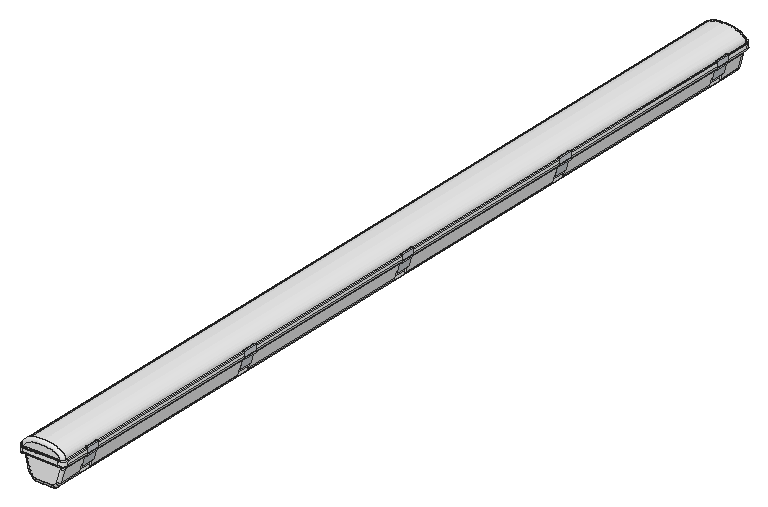
Revit family "0048792 Feilo Sylvania Lighting Fixture HYDROPROOF LED G3 1500MM S 4K", category Lighting Fixtures, host Face, Revit 2016
Family settings
  Host = Face
  Part Type = Normal
  Round Connector Dimension = Use Diameter
  OmniClass Number = 23.80.70.11.14
  OmniClass Title = General Luminaries, Directional
  Cut with Voids When Loaded = No
  Light Source = Yes
  Shared = No
  Room Calculation Point = No
Parameters (values of type "0048792 HYDROPROOF LED G3 1500MM S 4K  ")
  Width = 84 mm
  Weight = "2.19 kg"
  Wattage Comments = "n/a"
  Wattage = 31 W
  WarrantyStartDate [instance] = "n/a"
  WarrantyGuarantorParts = "n/a"
  WarrantyDurationUnit = "n/a"
  WarrantyDurationParts = "n/a"
  WarrantyDescription = "n/a"
  built-in parameter 1150110 = 1 (stored number, unit not read)
  Voltage = 230 V
  URL = "http://www.sylvania-lighting.com"
  TypeName = "HYDROPROOF LED G3 1500MM S 4K"
  Type Image = <None>
  Type Comments = "n/a"
  built-in parameter 1114217 = 1 (stored number, unit not read)
  Tilt Angle = -90.00°
  built-in parameter 1150109 = 1 (stored number, unit not read)
  built-in parameter 1150134 = 12
  built-in parameter 1150113 = 1 (stored number, unit not read)
  SerialNumber [instance] = "n/a"
  ReflectorMaterial = none
  PowerFactor = 0
  PowerConsumption = "31 W"
  Photometric Web File = "0048792.ies"
  NominalWidth = 0 mm
  NominalLength = 1578 mm
  NominalHeight = 75 mm
  Name = "HYDROPROOF LED G3 1500MM S 4K"
  ModelReference = "HYDROPROOF LED G3 1500MM S 4K"
  ModelNumber = "0048792"
  Model = "HYDROPROOF LED G3 1500MM S 4K"
  Material = "grp housing, pmma diffuser"
  ManufacturerName = "Feilo Sylvania"
  Manufacturer = "Feilo Sylvania"
  LuminousEfficacy = "160 lm/W"
  built-in parameter 1150105 = 394.7 (stored number, unit not read)
  Lumens = 4960 lm
  LuminaireType = ""
  built-in parameter 1150115 = 1 (stored number, unit not read)
  LightOutputRatio = "n/a"
  built-in parameter 1150137 = (empty or 0)
  built-in parameter 1150139 = (empty or 0)
  Length = 1572 mm
  LampsType = Lamp  # "LED"
  LampNominalLuminous = "4950 lm"
  LampMacAdamStep = "3"
  LampColourTemperature = "4000 K"
  LampColourRenderingIndex = "80"
  built-in parameter 1150112 = 1 (stored number, unit not read)
  built-in parameter 1150114 = 1 (stored number, unit not read)
  Lamp = "LED"
  Keynote = "16500"
  InstallationDate [instance] = "n/a"
  InputVoltage = "220-240V~"
  InputNominalFrequency = "50/60 Hz"
  built-in parameter 1150132 = (empty or 0)
  built-in parameter 1150102 = (empty or 0)
  built-in parameter 1150107 = 4000 (stored number, unit not read)
  built-in parameter 1150138 = (empty or 0)
  IngressProtection = "IP65"
  ImpactProtectionIndex = "IK02"
  built-in parameter 1150106 = 3.947 (stored number, unit not read)
  IfcExportType = "IfcLightFixtureType"
  IfcExportAs = "IfcLightFixtureType"
  ExpectedLife = 50000
  Emit from Rectangle Width = Width - 20 mm  # 64 mm
  Emit from Rectangle Length = Length - 20 mm  # 1552 mm
  Emit Shape Visible in Rendering = no
  ElectricShockClassification = "Class I"
  built-in parameter 1150104 = 14.864 (stored number, unit not read)
  DurationUnit = "hours"
  DocumentationLiterature = "http://www.sylvania-lighting.com/product/en-int/products/0048792"
  DimmingControlOptions = "Non dimmable"
  Dimming Lamp Color Temperature Shift = <None>
  DiffuserMaterial = Diffuser-Sylvania-Transparent
  Description = "Hydroproof, integrated LED chemical resistant weatherproof luminaire, with UV stabilized flat diffuser and linear prisms designed to achieve uniform lit appearance, optimise light output and to reduce glare, stainless steel diffuser clips and fixing brackets for surface and wall mounting. L 1578 mm x W 84 mm x H 75 mm size, GRP housing, PMMA diffuser, Non dimmable,   4000K, CRI80,  4950 lm, 31 W, 160 lm/W, nominal average life (h):50000, energy class: A++ A+ A Class I,IK02, IP65."
  Default Elevation = 1219.2 mm
  CreatedOn = "3/27/2018"
  CreatedBy = "aron.fodor@feilosylvania.com"
  Cost = 0
  Color Filter = 16777215
  built-in parameter 1114216 [instance] = (empty or 0)
  ClassificationValue = "EF_70_80"
  ClassificationName = "Uniclass2015"
  BodyMaterial = Body-Sylvania-Gray
  BarCode [instance] = "n/a"
  built-in parameter 1114218 = 1 (stored number, unit not read)
  built-in parameter 1150133 = 10 (stored number, unit not read)
  AssetType = "Fixed"
  AssetIdentifier [instance] = "n/a"
  Assembly Code = "D5020200"
  Apparent Load = 31 VA
  AccessoryMaterial = Diffuser-Sylvania-Glow
Reference planes
  plane 1 "Center (Front/Back)": y = 0
  plane 2: z = 0
  plane 3 "Center (Left/Right)": x = 0
  plane 4: z = 54
  plane 5: x = -14.7
  plane 6: x = -21.8
  plane 7: x = -26.6
  plane 8: x = -29.2
  plane 9: z = 3
  plane 10: z = 7.8
  plane 11: z = 12.3
  plane 12: z = 36.6
  plane 13: z = 42.8
  plane 14: x = -38.1
  plane 15: z = 46.2
  plane 16: x = -42
  plane 17: y = 786
  plane 18: y = -786
  plane 19: x = 14.7
  plane 20: x = 21.8
  plane 21: x = 26.6
  plane 22: x = 29.2
  plane 23: x = 38.1
  plane 24: x = 42
  plane 25: y = 778.4
  plane 26: y = -778.4
  plane 27: y = -774.7
  plane 28: y = 774.7
  plane 29: z = 74
  plane 30: x = -38.5
  plane 31: x = 38.5
  plane 32: z = 55.2
  plane 33: y = -782.5
  plane 34: y = 782.5
  plane 35: x = -24.5
  plane 36: x = 24.5
  plane 37: x = -35.7
  plane 38: x = 35.7
  plane 39: z = 50.2
  plane 40: z = 24.6
  plane 41: y = -720
  plane 42: y = -734
  plane 43: y = -706
  plane 44: y = 720
  plane 45: y = -720
  plane 46: y = -734
  plane 47: y = -706
  plane 48: y = 720
  plane 49: y = 706
  plane 50: y = 734
  plane 51: y = -360
  plane 52: y = -374
  plane 53: y = -346
  plane 54: y = 0
  plane 55: y = -14
  plane 56: y = 14
  plane 57: y = 360
  plane 58: y = 346
  plane 59: y = 374
Forms (mm)
  Sweep 1, solid, material "Body-Sylvania-Gray" <- "BodyMaterial", detail levels medium+fine
    path origin (1223.4, -4572, 54) x (0, -1, 0) y (1, 0, 0)
      loop
        arc (-3796, -1265.4) -> (-3788.929, -1262.471) -> (-3786, -1255.4) r 10
        line (-3786, -1255.4) -> (-3786, -1191.4)
        arc (-3786, -1191.4) -> (-3788.929, -1184.329) -> (-3796, -1181.4) r 10
        line (-3796, -1181.4) -> (-5348, -1181.4)
        arc (-5348, -1181.4) -> (-5355.071, -1184.329) -> (-5358, -1191.4) r 10
        line (-5358, -1191.4) -> (-5358, -1255.4)
        arc (-5358, -1255.4) -> (-5355.071, -1262.471) -> (-5348, -1265.4) r 10
        line (-5348, -1265.4) -> (-3796, -1265.4)
    profile origin (-42, 0, 54) x (-1, 0, 0) y (0, 0, 1)
      loop
        line (0, 0) -> (-1, 0) -> (-1, -7.726)
        arc (-1, -7.726) -> (-1.994, -9.498) -> (-3.9, -10.2) r 2.937
        line (-3.9, -10.2) -> (-8.571, -10.2) -> (-8.571, -11.2) -> (-3.9, -11.2)
        arc (-3.9, -11.2) -> (-1.313, -10.231) -> (0, -7.8) r 3.937
        line (0, -7.8) -> (0, 0)
  Sweep 2, solid, material "Body-Sylvania-Gray" <- "BodyMaterial", detail levels medium+fine
    path origin (0, 0, 0) x (1, 0, 0) y (0, 0, 1)
      loop
        line (35.7, 42.8) -> (35.7, 36.6) -> (29.203, 12.31)
        arc (29.203, 12.31) -> (28.199, 9.884) -> (26.6, 7.8) r 10.052
        line (26.6, 7.8) -> (21.8, 3)
        arc (21.8, 3) -> (18.554, 0.781) -> (14.7, 0) r 9.902
        line (14.7, 0) -> (0, 0) -> (-14.7, 0)
        arc (-14.7, 0) -> (-18.554, 0.781) -> (-21.8, 3) r 9.902
        line (-21.8, 3) -> (-26.6, 7.8)
        arc (-26.6, 7.8) -> (-28.199, 9.884) -> (-29.203, 12.31) r 10.052
        line (-29.203, 12.31) -> (-35.7, 36.6) -> (-35.7, 42.8)
    profile origin (0, 0, 0) x (0, 0, -1) y (0, -1, 0)
      loop
        arc (0, 773.4) -> (-1.464, 776.936) -> (-5, 778.4) r 5
        line (-5, 778.4) -> (-7.8, 778.4) -> (-7.8, -778.4) -> (-5, -778.4)
        arc (-5, -778.4) -> (-1.464, -776.936) -> (0, -773.4) r 5
        line (0, -773.4) -> (0, 773.4)
  Extrusion 3, solid, material "Body-Sylvania-Gray" <- "BodyMaterial", detail levels medium+fine
    sketch origin (1524, 778.4, 1219.2) x (1, 0, 0) y (0, 0, 1)
      loop
        arc (-1545.668, -1204.874) -> (-1545.443, -1205.418) -> (-1545.085, -1205.885) r 2.252
        line (-1545.085, -1205.885) -> (-1540.231, -1210.738)
        arc (-1540.231, -1210.738) -> (-1539.534, -1211.227) -> (-1538.7, -1211.4) r 2.102
        line (-1538.7, -1211.4) -> (-1509.3, -1211.4)
        arc (-1509.3, -1211.4) -> (-1508.466, -1211.227) -> (-1507.769, -1210.738) r 2.102
        line (-1507.769, -1210.738) -> (-1502.915, -1205.885)
        arc (-1502.915, -1205.885) -> (-1502.557, -1205.418) -> (-1502.332, -1204.874) r 2.252
        line (-1502.332, -1204.874) -> (-1496.1, -1181.575) -> (-1496.1, -1176.4) -> (-1551.9, -1176.4) -> (-1551.9, -1181.575) -> (-1545.668, -1204.874)
    from 0 to 1556.8
  Sweep 4, solid, material "Diffuser-Sylvania-Transparent" <- "DiffuserMaterial", detail levels medium+fine
    path origin (0, 0, 0) x (1, 0, 0) y (0, 0, 1)
      loop
        spline (-38.5, 55.2) -> (-37.188, 60.066) -> (-33.342, 64.6) -> (-27.224, 68.494) -> (-19.25, 71.481) -> (-9.965, 73.359) -> (0, 74) -> (9.965, 73.359) -> (19.25, 71.481) -> (27.224, 68.494) -> (33.342, 64.6) -> (37.188, 60.066) -> (38.5, 55.2)
    profile origin (38.5, 0, 55.2) x (0, -1, 0) y (1, 0, 0)
      loop
        arc (782.5, -5.5) -> (780.889, -1.611) -> (777, 0) r 5.5
        line (777, 0) -> (-777, 0)
        arc (-777, 0) -> (-780.889, -1.611) -> (-782.5, -5.5) r 5.5
        line (-782.5, -5.5) -> (-782.5, -6.3) -> (-781.5, -6.3) -> (-781.5, -5.5)
        arc (-781.5, -5.5) -> (-780.182, -2.318) -> (-777, -1) r 4.5
        line (-777, -1) -> (777, -1)
        arc (777, -1) -> (780.182, -2.318) -> (781.5, -5.5) r 4.5
        line (781.5, -5.5) -> (781.5, -6.347) -> (782.5, -6.347) -> (782.5, -5.5)
  Extrusion 5, solid, material "Diffuser-Sylvania-Transparent" <- "DiffuserMaterial", detail levels medium+fine
    sketch origin (1524, -782.5, 1219.2) x (1, 0, 0) y (0, 0, 1)
      loop
        line (-1556.653, -1164) -> (-1491.347, -1164)
        spline (-1491.347, -1164) -> (-1491.939, -1161.945) -> (-1494.434, -1159.066) -> (-1499.342, -1155.96) -> (-1506.338, -1153.35) -> (-1514.799, -1151.648) -> (-1524, -1151.047) -> (-1533.201, -1151.648) -> (-1541.662, -1153.35) -> (-1548.658, -1155.96) -> (-1553.566, -1159.066) -> (-1556.061, -1161.945) -> (-1556.653, -1164)
    from 0 to -1
  Extrusion 6, solid, material "Diffuser-Sylvania-Transparent" <- "DiffuserMaterial", detail levels medium+fine
    sketch origin (1524, 782.5, 1219.2) x (1, 0, 0) y (0, 0, 1)
      loop
        spline (-1491.3, -1164) -> (-1491.898, -1161.922) -> (-1494.404, -1159.03) -> (-1499.322, -1155.918) -> (-1506.325, -1153.305) -> (-1514.793, -1151.602) -> (-1524, -1151) -> (-1533.207, -1151.602) -> (-1541.675, -1153.305) -> (-1548.678, -1155.918) -> (-1553.596, -1159.03) -> (-1556.102, -1161.922) -> (-1556.7, -1164)
        line (-1556.7, -1164) -> (-1491.3, -1164)
    from 0 to 1
  Extrusion 7, solid, material "Diffuser-Sylvania-Glow" <- "AccessoryMaterial", detail levels fine
    sketch origin (0, 0, 0) x (1, 0, 0) y (0, 0, 1)
      loop
        circle (0, 50.2) r 8
    from -774.7 to 774.7
  Extrusion 8, void
    sketch origin (0, -720, 2343.807) x (0, 0, -1) y (-1, 0, 0)
      loop
        line (2340.807, -24.5) -> (2331.507, -24.5) -> (2319.207, -29.2) -> (2319.207, -35.7) -> (2340.807, -35.7) -> (2340.807, -24.5)
      loop
        line (2340.807, 24.5) -> (2340.807, 35.7) -> (2319.207, 35.7) -> (2319.207, 29.2) -> (2331.507, 24.5) -> (2340.807, 24.5)
    from 14 to -14
  Extrusion 9, void, not visible
    sketch origin (0, -720, 2343.807) x (0, 0, -1) y (-1, 0, 0)
      loop
        line (2340.807, -24.5) -> (2331.507, -24.5) -> (2319.207, -29.2) -> (2319.207, -35.7) -> (2340.807, -35.7) -> (2340.807, -24.5)
      loop
        line (2340.807, 24.5) -> (2340.807, 35.7) -> (2319.207, 35.7) -> (2319.207, 29.2) -> (2331.507, 24.5) -> (2340.807, 24.5)
    from 14 to -14
  Extrusion 10, void
    sketch origin (0, 720, 2343.807) x (0, 0, -1) y (-1, 0, 0)
      loop
        line (2340.807, -24.5) -> (2331.507, -24.5) -> (2319.207, -29.2) -> (2319.207, -35.7) -> (2340.807, -35.7) -> (2340.807, -24.5)
      loop
        line (2340.807, 24.5) -> (2340.807, 35.7) -> (2319.207, 35.7) -> (2319.207, 29.2) -> (2331.507, 24.5) -> (2340.807, 24.5)
    from 14 to -14
  Extrusion 11, void
    sketch origin (0, -360, 2343.807) x (0, 0, -1) y (-1, 0, 0)
      loop
        line (2340.807, -24.5) -> (2331.507, -24.5) -> (2319.207, -29.2) -> (2319.207, -35.7) -> (2340.807, -35.7) -> (2340.807, -24.5)
      loop
        line (2340.807, 24.5) -> (2340.807, 35.7) -> (2319.207, 35.7) -> (2319.207, 29.2) -> (2331.507, 24.5) -> (2340.807, 24.5)
    from 14 to -14
  Extrusion 12, void
    sketch origin (0, 0, 2343.807) x (0, 0, -1) y (-1, 0, 0)
      loop
        line (2340.807, -24.5) -> (2331.507, -24.5) -> (2319.207, -29.2) -> (2319.207, -35.7) -> (2340.807, -35.7) -> (2340.807, -24.5)
      loop
        line (2340.807, 24.5) -> (2340.807, 35.7) -> (2319.207, 35.7) -> (2319.207, 29.2) -> (2331.507, 24.5) -> (2340.807, 24.5)
    from 14 to -14
  Extrusion 13, void
    sketch origin (0, 360, 2343.807) x (0, 0, -1) y (-1, 0, 0)
      loop
        line (2340.807, -24.5) -> (2331.507, -24.5) -> (2319.207, -29.2) -> (2319.207, -35.7) -> (2340.807, -35.7) -> (2340.807, -24.5)
      loop
        line (2340.807, 24.5) -> (2340.807, 35.7) -> (2319.207, 35.7) -> (2319.207, 29.2) -> (2331.507, 24.5) -> (2340.807, 24.5)
    from 14 to -14
  Extrusion 14, solid, material "Diffuser-Sylvania-Transparent" <- "DiffuserMaterial", detail levels medium+fine
    sketch origin (1223.4, -4572, 54) x (0, -1, 0) y (-1, 0, 0)
      loop
        arc (-5348, 1265.4) -> (-5355.071, 1262.471) -> (-5358, 1255.4) r 10
        line (-5358, 1255.4) -> (-5358, 1191.4)
        arc (-5358, 1191.4) -> (-5355.071, 1184.329) -> (-5348, 1181.4) r 10
        line (-5348, 1181.4) -> (-3796, 1181.4)
        arc (-3796, 1181.4) -> (-3788.929, 1184.329) -> (-3786, 1191.4) r 10
        line (-3786, 1191.4) -> (-3786, 1255.4)
        arc (-3786, 1255.4) -> (-3788.929, 1262.471) -> (-3796, 1265.4) r 10
        line (-3796, 1265.4) -> (-5348, 1265.4)
      loop
        arc (-5354.5, 1190.394) -> (-5352.887, 1186.509) -> (-5349, 1184.9) r 5.5
        line (-5349, 1184.9) -> (-3795, 1184.9)
        arc (-3795, 1184.9) -> (-3791.113, 1186.509) -> (-3789.5, 1190.394) r 5.5
        line (-3789.5, 1190.394) -> (-3789.5, 1256.406)
        arc (-3789.5, 1256.406) -> (-3791.113, 1260.291) -> (-3795, 1261.9) r 5.5
        line (-3795, 1261.9) -> (-5349, 1261.9)
        arc (-5349, 1261.9) -> (-5352.887, 1260.291) -> (-5354.5, 1256.406) r 5.5
        line (-5354.5, 1256.406) -> (-5354.5, 1190.394)
    from 0 to -1.2
  Extrusion 15, solid, material "Body-Sylvania-Gray" <- "BodyMaterial", detail levels coarse
    sketch origin (0, 0, 0) x (1, 0, 0) y (0, 0, 1)
      loop
        line (-42, 55.2) -> (-42, 42.8) -> (-26.6, 0) -> (26.6, 0) -> (42, 42.8) -> (42, 55.2) -> (-42, 55.2)
    from -786 to 786
  Extrusion 16, solid, material "Diffuser-Sylvania-Transparent" <- "DiffuserMaterial", detail levels coarse
    sketch origin (0, 0, 0) x (1, 0, 0) y (0, 0, 1)
      loop
        line (-38.5, 55.2) -> (38.5, 55.2)
        arc (38.5, 55.2) -> (0, 74) -> (-38.5, 55.2) r 48.822
    from -778.4 to 778.4
Cuts and joins
  Extrusion 8, Extrusion 10, Extrusion 11, Extrusion 12, Extrusion 13 cuts Sweep 2
  Extrusion 8, Extrusion 10, Extrusion 11, Extrusion 12, Extrusion 13 cuts Extrusion 3
  joined: Sweep 2, Extrusion 3
  joined: Sweep 4, Extrusion 5, Extrusion 6, Extrusion 14
Dimensions and locks
  locked: plane 4 to plane 2 at 54
  plane 5 to plane 6 to plane 7 to plane 8 to plane 14 to plane 16 = 7.1 mm locked, 4.8 mm locked, 2.6 mm locked, 8.9 mm locked, 3.9 mm locked
  plane 4 to plane 15 to plane 13 to plane 12 to plane 11 to plane 10 to plane 9 = 7.8 mm locked, 3.4 mm, 6.2 mm locked, 24.3 mm locked, 4.5 mm locked, 4.8 mm locked
  equal spacing: plane 18, plane 1 "Center (Front/Back)", plane 17
  "Length": plane 18 to plane 17
  plane 19 to plane 20 to plane 21 to plane 22 to plane 23 to plane 24 = 7.1 mm locked, 4.8 mm locked, 2.6 mm locked, 8.9 mm, 3.9 mm
  equal spacing: plane 24, plane 3 "Center (Left/Right)", plane 16
  "Width": plane 24 to plane 16
  equal spacing: plane 27, plane 1 "Center (Front/Back)", plane 28
  locked: plane 26 to plane 27 at 3.7
  locked: Sweep 1 sketch curve to profile plane at 1
  locked: Sweep 1 sketch curve to plane 13 at 1
  locked: Sweep 1 sketch curve to plane 13 at 3.937  (x2)
  locked: Sweep 1 sketch curve to profile plane at 3.9  (x2)
  plane 29 to plane 4 = 20 mm
  equal spacing: plane 31, plane 3 "Center (Left/Right)", plane 30
  locked: plane 30 to plane 16 at 3.5
  locked: plane 32 to plane 4 at 1.2
  equal spacing: plane 33, plane 1 "Center (Front/Back)", plane 34
  equal spacing: plane 36, plane 3 "Center (Left/Right)", plane 35
  locked: plane 34 to plane 17 at 3.5
  equal spacing: plane 38, plane 3 "Center (Left/Right)", plane 37
  locked: plane 37 to plane 16 at 6.3
  equal spacing: plane 25, plane 1 "Center (Front/Back)", plane 26
  locked: plane 17 to plane 25 at 7.6
  locked: Sweep 2 sketch curve to plane 2 at 5  (x2)
  locked: Sweep 2 sketch curve to plane 26 at 5
  locked: plane 25 to Sweep 2 sketch curve at 5
  locked: Sweep 4 sketch curve to plane 31 at 5.5  (x2)
  locked: Sweep 4 sketch curve to plane 34 at 5.5
  plane 33 to Sweep 4 sketch curve = 5.5 mm
  locked: plane 34 to Sweep 4 sketch curve at 1
  locked: Sweep 4 sketch curve to plane 31 at 1
  locked: Sweep 4 sketch curve to Sweep 4 sketch curve at 1
  locked: Sweep 4 sketch curve to plane 31 at 6.347
  locked: Sweep 4 sketch curve to plane 31 at 6.3
  locked: plane 40 to plane 2 at 24.6
  locked: plane 6 to plane 35 at 2.7
  locked: plane 1 "Center (Front/Back)" to plane 41 at 720
  plane 43 to plane 41 to plane 42 = 14 mm locked, 14 mm locked
  locked: plane 44 to plane 1 "Center (Front/Back)" at 720
  plane 47 to plane 45 to plane 46 = 14 mm locked, 14 mm locked
  plane 50 to plane 48 to plane 49 = 14 mm locked, 14 mm locked  (x2)
  equal spacing: group 1, group 6, group 7, group 8, group 5  (x3)
  plane 53 to plane 51 to plane 52 = 14 mm locked, 14 mm locked  (x2)
  plane 56 to plane 54 to plane 55 = 14 mm locked, 14 mm locked  (x2)
  plane 59 to plane 57 to plane 58 = 14 mm locked, 14 mm locked  (x2)
  plane 48 to plane 57 to plane 1 "Center (Front/Back)" to plane 51 to plane 41 = 360 mm locked, 360 mm locked, 360 mm locked, 360 mm locked
  aligned and locked: plane 2 to host face
  aligned and locked: level to host face
  aligned and locked: plane 16 to Sweep 1 sketch curve
  aligned and locked: Sweep 1 sketch curve to plane 24
  aligned and locked: plane 18 to Sweep 1 sketch curve
  aligned and locked: Sweep 1 sketch curve to plane 13
  aligned and locked: profile plane to Sweep 1 sketch curve
  aligned and locked: plane 3 "Center (Left/Right)" to Sweep 2 sketch curve
  aligned and locked: plane 9 to Sweep 2 sketch curve
  aligned and locked: plane 10 to Sweep 2 sketch curve
  aligned and locked: plane 37 to Sweep 2 sketch curve
  aligned and locked: plane 12 to Sweep 2 sketch curve
  aligned and locked: Sweep 2 sketch curve to level
  aligned and locked: plane 21 to Sweep 2 sketch curve
  aligned and locked: plane 38 to Sweep 2 sketch curve
  aligned and locked: profile plane to Sweep 2 sketch curve
  aligned and locked: plane 25 to Sweep 2 sketch curve
  aligned and locked: Sweep 2 sketch curve to plane 10
  aligned and locked: Extrusion 3 sketch curve to Sweep 2  (x7)
  aligned and locked: Sweep 2 to Extrusion 3 sketch curve
  aligned and locked: Extrusion 3 to plane 25
  aligned and locked: plane 26 to Extrusion 3
  aligned and locked: plane 32 to Sweep 4 sketch curve
  aligned and locked: plane 33 to Sweep 4 sketch curve
  aligned and locked: Sweep 4 to Extrusion 5
  aligned and locked: plane 33 to Extrusion 5
  aligned and locked: plane 39 to Extrusion 7 sketch curve
  aligned and locked: plane 27 to Extrusion 7
  aligned and locked: Extrusion 7 to plane 28
  aligned and locked: Extrusion 6 sketch curve to Sweep 4
  aligned and locked: Extrusion 5 sketch curve to Sweep 4
  aligned and locked: Extrusion 8 to plane 43
  aligned and locked: plane 42 to Extrusion 8
  aligned and locked: Extrusion 10 to plane 50
  aligned and locked: plane 49 to Extrusion 10
  aligned and locked: Extrusion 11 to plane 53
  aligned and locked: plane 52 to Extrusion 11
  aligned and locked: Extrusion 12 to plane 56
  aligned and locked: plane 55 to Extrusion 12
  aligned and locked: Extrusion 13 to plane 59
  aligned and locked: plane 58 to Extrusion 13
  aligned and locked: plane 3 "Center (Left/Right)" to Extrusion 7 sketch curve
  aligned and locked: Extrusion 14 sketch curve to Sweep 1  (x4)
  aligned and locked: Extrusion 14 to plane 32
  aligned and locked: plane 4 to Extrusion 14
  aligned and locked: plane 48 to nested 1
  aligned and locked: plane 57 to nested 2
  aligned and locked: plane 54 to nested 3
  aligned and locked: nested 4 to plane 51
  aligned and locked: nested 5 to plane 41
  aligned and locked: plane 41 to nested 10
  aligned and locked: plane 51 to nested 9
  aligned and locked: plane 54 to nested 8
  aligned and locked: plane 57 to nested 7
  aligned and locked: plane 48 to nested 6
  aligned and locked: plane 1 "Center (Front/Back)" to imposter light
  aligned and locked: plane 3 "Center (Left/Right)" to imposter light
  aligned and locked: imposter light to plane 29
  aligned and locked: plane 7 to Extrusion 15 sketch curve
  aligned and locked: plane 2 to Extrusion 15 sketch curve
  aligned and locked: Extrusion 15 sketch curve to nested 6
  aligned and locked: Extrusion 15 sketch curve to nested 1
  aligned and locked: plane 18 to Extrusion 15
  aligned and locked: Extrusion 15 to plane 17
  aligned and locked: Extrusion 15 to Sweep 1  (x2)
  aligned and locked: plane 30 to Extrusion 16 sketch curve
  aligned and locked: plane 31 to Extrusion 16 sketch curve
  aligned and locked: Extrusion 16 sketch curve to cut or joined group of Sweep 4, Extrusion 5, Extrusion 6, Extrusion 14
  aligned and locked: Extrusion 16 to plane 25
  aligned and locked: plane 26 to Extrusion 16
Automatic sketch dimensions
  host sketch curve to host sketch curve = 2438.4 mm  (x2)
  plane 17 to Sweep 1 sketch curve = 0 mm
  Sweep 1 sketch curve to plane 28 = 1.3 mm
  Sweep 1 sketch curve to plane 7 = 5.4 mm
  plane 27 to Sweep 1 sketch curve = 1.3 mm  (x2)
  Sweep 1 sketch curve to Sweep 1 sketch curve = 4.671 mm
  Sweep 1 sketch curve to plane 4 = 0 mm
  Sweep 2 sketch curve to plane 7 = 0 mm
  Sweep 2 sketch curve to plane 6 = 0 mm
  Sweep 2 sketch curve to plane 5 = 0 mm
  plane 19 to Sweep 2 sketch curve = 0 mm
  Sweep 2 sketch curve to plane 9 = 0 mm
  plane 20 to Sweep 2 sketch curve = 0 mm
  Sweep 2 sketch curve to plane 12 = 0 mm
  Sweep 2 sketch curve to plane 10 = 0 mm
  Sweep 2 sketch curve to plane 13 = 0 mm  (x2)
  Sweep 2 sketch curve to plane 8 = 0.003 mm
  plane 6 to Sweep 2 sketch curve = 2.308 mm
  plane 20 to Sweep 2 sketch curve = 2.308 mm
  Sweep 2 sketch curve to plane 22 = 0.003 mm
  Sweep 2 sketch curve to plane 11 = 0.01 mm  (x2)
  Extrusion 3 sketch curve to plane 5 = 0 mm
  plane 19 to Extrusion 3 sketch curve = 0 mm
  plane 6 to Extrusion 3 sketch curve = 0.132 mm
  plane 6 to Extrusion 3 sketch curve = 0.715 mm
  Extrusion 3 sketch curve to Extrusion 3 sketch curve = 1.592 mm
  Extrusion 3 sketch curve to plane 10 = 0.662 mm  (x2)
  plane 20 to Extrusion 3 sketch curve = 2.308 mm
  plane 20 to Extrusion 3 sketch curve = 0.715 mm
  plane 20 to Extrusion 3 sketch curve = 0.132 mm
  Sweep 4 sketch curve to plane 30 = 0 mm
  Sweep 4 sketch curve to plane 3 "Center (Left/Right)" = 0 mm
  Sweep 4 sketch curve to Sweep 4 sketch curve = 0 mm  (x2)
  plane 37 to Extrusion 6 sketch curve = 3 mm
  Extrusion 6 sketch curve to plane 38 = 3 mm
  plane 37 to Extrusion 5 sketch curve = 3.047 mm
  Extrusion 5 sketch curve to plane 38 = 3.047 mm
  Extrusion 8 sketch curve to Extrusion 8 sketch curve = 0 mm
  Extrusion 8 sketch curve to Extrusion 8 sketch curve = 12.3 mm  (x2)
  Extrusion 8 sketch curve to Extrusion 8 sketch curve = 9.3 mm  (x2)
  Extrusion 8 sketch curve to Extrusion 8 sketch curve = 6.5 mm  (x2)
  Extrusion 8 sketch curve to Extrusion 8 sketch curve = 4.7 mm  (x2)
  Extrusion 8 sketch curve to Extrusion 8 sketch curve = 49 mm
  Extrusion 9 sketch curve to Extrusion 9 sketch curve = 0 mm
  Extrusion 9 sketch curve to Extrusion 9 sketch curve = 12.3 mm  (x2)
  Extrusion 9 sketch curve to Extrusion 9 sketch curve = 9.3 mm  (x2)
  Extrusion 9 sketch curve to Extrusion 9 sketch curve = 6.5 mm  (x2)
  Extrusion 9 sketch curve to Extrusion 9 sketch curve = 4.7 mm  (x2)
  Extrusion 9 sketch curve to Extrusion 9 sketch curve = 49 mm
  Extrusion 10 sketch curve to Extrusion 10 sketch curve = 0 mm
  Extrusion 10 sketch curve to Extrusion 10 sketch curve = 12.3 mm  (x2)
  Extrusion 10 sketch curve to Extrusion 10 sketch curve = 9.3 mm  (x2)
  Extrusion 10 sketch curve to Extrusion 10 sketch curve = 6.5 mm  (x2)
  Extrusion 10 sketch curve to Extrusion 10 sketch curve = 4.7 mm  (x2)
  Extrusion 10 sketch curve to Extrusion 10 sketch curve = 49 mm
  Extrusion 11 sketch curve to Extrusion 11 sketch curve = 0 mm
  Extrusion 11 sketch curve to Extrusion 11 sketch curve = 12.3 mm  (x2)
  Extrusion 11 sketch curve to Extrusion 11 sketch curve = 9.3 mm  (x2)
  Extrusion 11 sketch curve to Extrusion 11 sketch curve = 6.5 mm  (x2)
  Extrusion 11 sketch curve to Extrusion 11 sketch curve = 4.7 mm  (x2)
  Extrusion 11 sketch curve to Extrusion 11 sketch curve = 49 mm
  Extrusion 12 sketch curve to Extrusion 12 sketch curve = 0 mm
  Extrusion 12 sketch curve to Extrusion 12 sketch curve = 12.3 mm  (x2)
  Extrusion 12 sketch curve to Extrusion 12 sketch curve = 9.3 mm  (x2)
  Extrusion 12 sketch curve to Extrusion 12 sketch curve = 6.5 mm  (x2)
  Extrusion 12 sketch curve to Extrusion 12 sketch curve = 4.7 mm  (x2)
  Extrusion 12 sketch curve to Extrusion 12 sketch curve = 49 mm
  Extrusion 13 sketch curve to Extrusion 13 sketch curve = 0 mm
  Extrusion 13 sketch curve to Extrusion 13 sketch curve = 12.3 mm  (x2)
  Extrusion 13 sketch curve to Extrusion 13 sketch curve = 9.3 mm  (x2)
  Extrusion 13 sketch curve to Extrusion 13 sketch curve = 6.5 mm  (x2)
  Extrusion 13 sketch curve to Extrusion 13 sketch curve = 4.7 mm  (x2)
  Extrusion 13 sketch curve to Extrusion 13 sketch curve = 49 mm
  Extrusion 14 sketch curve to plane 34 = 0 mm
  plane 30 to Extrusion 14 sketch curve = 0 mm
  Extrusion 14 sketch curve to plane 31 = 0 mm
  plane 33 to Extrusion 14 sketch curve = 0 mm
  plane 25 to Extrusion 14 sketch curve = 1.4 mm  (x4)
  Extrusion 14 sketch curve to plane 26 = 1.4 mm  (x4)
  plane 37 to Extrusion 14 sketch curve = 2.694 mm  (x2)
  Extrusion 14 sketch curve to plane 38 = 2.694 mm  (x2)
  plane 21 to Extrusion 15 sketch curve = 0 mm
  Extrusion 15 sketch curve to plane 13 = 0 mm  (x2)
  Extrusion 15 sketch curve to plane 32 = 0 mm
  Extrusion 16 sketch curve to plane 40 = 0.578 mm
  radius of Extrusion 7 sketch curve = 8 mm
Nested families
  nested 1: "Clip" at (-29.2, 720, 24.6) x (-1, 0, 0) z (0, 0, 1), type "Clip", detail levels fine
  nested 2: "Clip" at (-29.2, 360, 24.6) x (-1, 0, 0) z (0, 0, 1), type "Clip", detail levels fine
  nested 3: "Clip" at (-29.2, 0, 24.6) x (-1, 0, 0) z (0, 0, 1), type "Clip", detail levels fine
  nested 4: "Clip" at (-29.2, -360, 24.6) x (-1, 0, 0) z (0, 0, 1), type "Clip", detail levels fine
  nested 5: "Clip" at (-29.2, -720, 24.6) x (-1, 0, 0) z (0, 0, 1), type "Clip", detail levels fine
  nested 6: "Clip" at (29.2, 720, 24.6), type "Clip", detail levels fine
  nested 7: "Clip" at (29.2, 360, 24.6), type "Clip", detail levels fine
  nested 8: "Clip" at (29.2, 0, 24.6), type "Clip", detail levels fine
  nested 9: "Clip" at (29.2, -360, 24.6), type "Clip", detail levels fine
  nested 10: "Clip" at (29.2, -720, 24.6), type "Clip", detail levels fine
Connectors
  electrical at (0, 0, 0), driven by "Apparent Load"
    settings: index 1, voltage 230 V, apparent load 31 VA, apparent load phase1 0 VA, apparent load phase2 0 VA, apparent load phase3 0 VA, power factor 0, load classification "Lighting", number of poles 1, system type 30, power factor state 1, is connector primary yes, connector utility no, sub classification motor no, connector description ""
Definition of nested family "Clip"
  Parameters (values of type "Clip")
    URL = "http://www.feilosylvania.com"
    Type Comments = "n/a"
    Model = "n/a"
    Manufacturer = "Feilo Sylvania"
    Keynote = "n/a"
    Description = "n/a"
    Default Elevation = 1219.2 mm
    Cost = 0
    BodyMaterial = none
    Assembly Code = "n/a"
  Reference planes
    plane 1 "Center (Front/Back)": y = 0
    plane 2: z = 0
    plane 3 "Center (Left/Right)": x = 0
    plane 4: x = 3.3
    plane 5: x = 6.5
    plane 6: x = 8.9
    plane 7: x = 12.8
    plane 8: z = 12
    plane 9: z = 18.2
    plane 10: z = 21.6
    plane 11: z = 30.6
    plane 12: x = 9.3
    plane 13: z = 19.2
    plane 14: z = 16.2
    plane 15: x = 10.1
    plane 16: y = 12
    plane 17: y = -12
  Forms (mm)
    Extrusion 1, solid
      sketch origin (-0.8, 0, 0) x (1, 0, 0) y (0, 1, 0)
        loop
          line (-1219.2, 1219.2) -> (-1219.2, -1219.2) -> (1219.2, -1219.2) -> (1219.2, 1219.2) -> (-1219.2, 1219.2)
      from 0 to -304.8
    Extrusion 2, solid
      sketch origin (0, 0, 0) x (1, 0, 0) y (0, 0, 1)
        loop
          line (8.9, 16.2) -> (4.58, 0) -> (0, 0) -> (0, -0.8) -> (5.195, -0.8) -> (9.603, 15.731) -> (13.6, 18.806) -> (13.6, 30.6)
          arc (13.6, 30.6) -> (11.45, 32.75) -> (9.3, 30.6) r 2.15
          line (9.3, 30.6) -> (10.1, 30.6)
          arc (10.1, 30.6) -> (11.45, 31.95) -> (12.8, 30.6) r 1.35
          line (12.8, 30.6) -> (12.8, 19.2) -> (8.9, 16.2)
      from -12 to 12
  Lines and regions (mm)
    reference lines
      curve 1: line (3.3, 0, 0) -> (6.5, 0, 12)
      curve 2: arc (8.9, 0, 18.2) -> (11.488, 0, 19.169) -> (12.8, 0, 21.6) r 3.934
  Dimensions and locks
    plane 7 to plane 6 to plane 5 to plane 4 to plane 3 "Center (Left/Right)" = 3.9 mm locked, 2.4 mm locked, 3.2 mm locked, 3.3 mm locked
    plane 11 to plane 10 to plane 9 to plane 8 to plane 2 = 9 mm locked, 3.4 mm locked, 6.2 mm locked, 12 mm locked
    locked: plane 7 to plane 12 at 3.5
    locked: plane 13 to plane 9 at 1
    locked: plane 9 to plane 14 at 2
    locked: plane 15 to plane 12 at 0.8
    locked: plane 2 to Extrusion 2 sketch curve at 0.8
    locked: Extrusion 2 sketch curve to Extrusion 2 sketch curve at 0.8  (x3)
    locked: plane 7 to Extrusion 2 sketch curve at 1.35
    equal spacing: plane 17, plane 1 "Center (Front/Back)", plane 16
    locked: plane 1 "Center (Front/Back)" to plane 16 at 12
    aligned and locked: plane 2 to Extrusion 1
    aligned and locked: level to Extrusion 1
    aligned and locked: plane 4 to curve 1
    aligned and locked: plane 5 to curve 1
    aligned and locked: plane 6 to curve 2
    aligned and locked: plane 10 to curve 2
    aligned and locked: plane 14 to Extrusion 2 sketch curve
    aligned and locked: plane 13 to Extrusion 2 sketch curve
    aligned and locked: plane 7 to Extrusion 2 sketch curve
    aligned and locked: plane 3 "Center (Left/Right)" to Extrusion 2 sketch curve
    aligned and locked: Extrusion 2 sketch curve to level
    aligned and locked: Extrusion 2 sketch curve to plane 11
    aligned and locked: plane 11 to Extrusion 2 sketch curve
    aligned and locked: Extrusion 2 to plane 16
    aligned and locked: plane 17 to Extrusion 2
  Automatic sketch dimensions
    Extrusion 1 sketch curve to Extrusion 1 sketch curve = 2438.4 mm  (x2)
    curve 2 to plane 7 = 0 mm
    curve 1 to level = 0 mm
    curve 1 to plane 8 = 0 mm
    curve 2 to plane 9 = 0 mm
    plane 6 to curve 2 = 0.002 mm
    Extrusion 2 sketch curve to Extrusion 2 sketch curve = 0 mm
    Extrusion 2 sketch curve to plane 6 = 0 mm
    plane 4 to Extrusion 2 sketch curve = 1.28 mm
